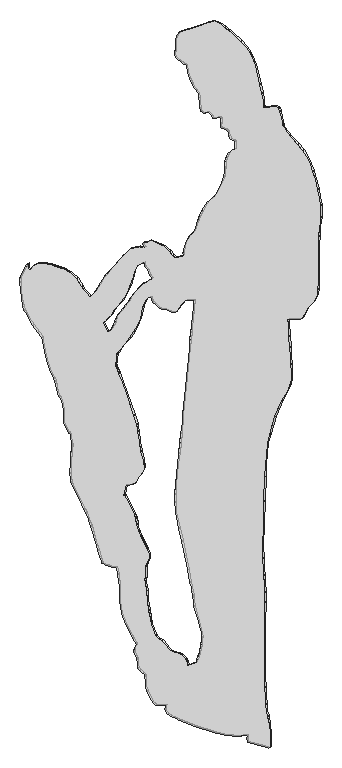
Revit family "Flat Man and Child 01", category Entourage, Revit 2015
Parameters
  Flat Material [instance] = none
  Height = 0 mm
Reference planes
  plane 1 "Center (Front/Back)": y = 0
  plane 2: z = 0
  plane 3 "Center (Left/Right)": x = 0
Forms (mm)
  Extrusion 1, solid, material <- "Flat Material"
    sketch origin (0, 0, 0) x (1, 0, 0) y (0, 0, 1)
      loop
        line (61.838, 1395.624) -> (48.24, 1368.428) -> (40.823, 1357.303) -> (34.643, 1349.886) -> (27.226, 1342.469) -> (21.045, 1333.816) -> (9.919, 1312.801) -> (1.266, 1293.022) -> (-1.206, 1285.606) -> (-3.678, 1279.425) -> (-8.623, 1262.119) -> (-14.804, 1250.993) -> (-23.457, 1238.631) -> (-33.346, 1223.798) -> (-39.527, 1205.255) -> (-43.235, 1186.713) -> (-42.89, 1182.223) -> (-64.25, 1169.407) -> (-71.667, 1171.879) -> (-80.32, 1178.06) -> (-90.21, 1183.004) -> (-97.626, 1186.713) -> (-107.516, 1187.949) -> (-129.767, 1187.949) -> (-137.184, 1185.477) -> (-144.601, 1179.296) -> (-153.254, 1175.587) -> (-155.726, 1174.351) -> (-156.962, 1171.879) -> (-156.962, 1168.17) -> (-150.781, 1164.462) -> (-166.851, 1160.753) -> (-180.449, 1154.573) -> (-192.811, 1147.156) -> (-203.936, 1133.558) -> (-211.353, 1123.669) -> (-220.006, 1111.307) -> (-243.493, 1080.403) -> (-254.619, 1065.569) -> (-264.508, 1051.971) -> (-271.925, 1040.846) -> (-275.633, 1032.193) -> (-290.467, 1004.997) -> (-299.12, 992.636) -> (-304.743, 985.139) -> (-306.874, 985.444) -> (-313.954, 990.163) -> (-321.371, 996.344) -> (-328.788, 1003.761) -> (-343.622, 1018.595) -> (-362.165, 1027.248) -> (-380.707, 1030.957) -> (-399.249, 1029.721) -> (-407.902, 1028.484) -> (-415.319, 1027.248) -> (-428.917, 1026.012) -> (-441.279, 1022.304) -> (-454.876, 1016.123) -> (-461.057, 1011.178) -> (-466.002, 1007.47) -> (-470.947, 1000.053) -> (-474.655, 995.108) -> (-477.127, 993.872) -> (-479.6, 996.344) -> (-480.836, 1000.053) -> (-480.836, 1007.47) -> (-482.072, 1006.234) -> (-484.544, 1002.525) -> (-493.197, 987.691) -> (-501.851, 970.385) -> (-504.323, 960.496) -> (-504.323, 950.606) -> (-503.087, 930.828) -> (-500.614, 911.049) -> (-495.67, 892.507) -> (-493.197, 885.09) -> (-489.489, 880.145) -> (-479.6, 869.02) -> (-467.238, 855.422) -> (-453.64, 841.824) -> (-442.639, 833.362) -> (-441.279, 824.518) -> (-432.626, 789.906) -> (-426.445, 773.836) -> (-420.264, 760.238) -> (-415.319, 750.349) -> (-411.611, 745.404) -> (-407.902, 741.696) -> (-405.43, 735.515) -> (-398.013, 708.319) -> (-394.305, 702.138) -> (-390.596, 697.194) -> (-386.888, 692.249) -> (-384.415, 684.832) -> (-381.943, 667.526) -> (-381.943, 639.094) -> (-378.235, 632.913) -> (-373.29, 626.733) -> (-369.581, 620.552) -> (-367.109, 618.08) -> (-365.017, 620.172) -> (-362.165, 610.663) -> (-358.456, 595.829) -> (-357.22, 590.884) -> (-357.22, 587.176) -> (-358.456, 582.231) -> (-359.692, 572.342) -> (-362.165, 545.146) -> (-363.401, 516.715) -> (-362.165, 504.353) -> (-359.692, 495.7) -> (-355.984, 488.283) -> (-349.803, 479.63) -> (-336.205, 459.851) -> (-323.844, 441.309) -> (-317.663, 432.656) -> (-313.954, 426.475) -> (-310.246, 417.822) -> (-304.065, 404.224) -> (-290.467, 368.375) -> (-284.286, 351.069) -> (-278.106, 336.235) -> (-274.397, 325.11) -> (-272.543, 321.401) -> (-269.453, 321.401) -> (-262.036, 320.165) -> (-253.383, 320.165) -> (-245.966, 321.401) -> (-238.549, 323.874) -> (-231.515, 325.28) -> (-227.423, 310.276) -> (-223.715, 276.9) -> (-223.715, 259.593) -> (-222.479, 242.287) -> (-220.006, 227.453) -> (-217.534, 213.856) -> (-206.408, 190.369) -> (-192.811, 170.59) -> (-185.394, 163.173) -> (-180.449, 155.756) -> (-176.741, 152.048) -> (-175.504, 150.811) -> (-176.741, 148.339) -> (-180.449, 140.922) -> (-181.685, 133.505) -> (-181.685, 127.324) -> (-177.977, 121.144) -> (-174.268, 113.727) -> (-173.032, 106.31) -> (-173.032, 101.365) -> (-173.032, 97.657) -> (-170.56, 92.712) -> (-165.615, 87.767) -> (-156.962, 84.059) -> (-153.254, 81.587) -> (-150.781, 77.878) -> (-149.545, 66.753) -> (-149.545, 54.391) -> (-145.837, 43.266) -> (-133.475, 23.487) -> (-127.294, 17.306) -> (-119.877, 16.07) -> (-113.697, 17.306) -> (-91.67, 26.746) -> (-93.918, 22.251) -> (-95.154, 13.598) -> (-92.682, 9.889) -> (-86.501, 4.945) -> (-74.139, 1.236) -> (-65.486, 1.236) -> (-55.597, 0) -> (-3.678, 0) -> (49.476, 3.708) -> (74.2, 8.653) -> (97.687, 13.598) -> (119.938, 21.015) -> (138.48, 29.668) -> (137.244, 25.959) -> (137.244, 19.779) -> (138.48, 16.07) -> (138.48, 13.598) -> (147.133, 13.598) -> (168.148, 14.834) -> (189.162, 17.306) -> (197.816, 19.779) -> (203.996, 23.487) -> (202.76, 39.557) -> (202.76, 58.099) -> (200.288, 79.114) -> (196.579, 98.893) -> (192.871, 111.254) -> (190.399, 127.324) -> (189.162, 147.103) -> (187.926, 169.354) -> (186.69, 194.077) -> (186.69, 332.527) -> (187.926, 385.682) -> (187.926, 410.405) -> (186.69, 431.42) -> (185.454, 451.198) -> (184.218, 466.032) -> (181.746, 493.228) -> (180.509, 521.659) -> (182.982, 579.759) -> (185.454, 640.33) -> (187.926, 702.138) -> (189.162, 731.806) -> (191.635, 761.474) -> (195.343, 788.67) -> (201.524, 814.629) -> (216.358, 864.075) -> (236.137, 912.285) -> (241.081, 922.175) -> (246.026, 930.828) -> (253.443, 945.662) -> (258.387, 958.023) -> (262.096, 974.093) -> (262.096, 996.344) -> (260.86, 1012.414) -> (259.624, 1030.957) -> (258.387, 1054.444) -> (255.915, 1081.639) -> (253.443, 1113.779) -> (252.477, 1123.759) -> (259.624, 1126.141) -> (269.513, 1129.849) -> (288.055, 1136.03) -> (291.764, 1138.503) -> (295.472, 1143.447) -> (302.889, 1157.045) -> (311.542, 1174.351) -> (325.14, 1192.894) -> (331.321, 1202.783) -> (336.265, 1215.144) -> (337.502, 1229.978) -> (338.738, 1246.048) -> (338.738, 1338.76) -> (339.974, 1363.484) -> (342.446, 1384.498) -> (344.919, 1400.568) -> (346.155, 1414.166) -> (346.155, 1443.834) -> (342.446, 1461.14) -> (337.502, 1483.391) -> (330.085, 1505.642) -> (323.904, 1524.184) -> (316.487, 1537.782) -> (310.306, 1548.907) -> (295.472, 1566.214) -> (280.638, 1577.339) -> (265.804, 1587.228) -> (252.207, 1597.118) -> (242.317, 1604.535) -> (239.845, 1607.007) -> (238.609, 1609.479) -> (238.609, 1611.952) -> (237.373, 1616.896) -> (234.9, 1629.258) -> (229.956, 1642.856) -> (227.483, 1647.8) -> (225.011, 1650.272) -> (220.066, 1650.272) -> (213.886, 1649.036) -> (205.233, 1646.564) -> (185.454, 1636.675) -> (185.454, 1637.911) -> (184.218, 1641.619) -> (182.982, 1652.745) -> (179.273, 1670.051) -> (174.329, 1691.066) -> (160.731, 1733.095) -> (152.078, 1751.638) -> (143.425, 1763.999) -> (132.299, 1772.652) -> (119.938, 1781.305) -> (90.27, 1796.139) -> (75.436, 1801.084) -> (63.074, 1804.792) -> (51.949, 1806.029) -> (44.532, 1806.029) -> (37.115, 1802.32) -> (27.226, 1796.139) -> (2.502, 1778.833) -> (-22.221, 1762.763) -> (-33.346, 1756.582) -> (-40.763, 1752.874) -> (-51.889, 1745.457) -> (-60.542, 1733.095) -> (-65.486, 1720.734) -> (-65.486, 1709.608) -> (-64.25, 1697.247) -> (-66.722, 1688.593) -> (-67.959, 1682.413) -> (-64.25, 1676.232) -> (-56.833, 1671.287) -> (-48.18, 1667.579) -> (-40.763, 1666.343) -> (-34.582, 1666.343) -> (-30.874, 1649.036) -> (-25.929, 1635.439) -> (-18.512, 1624.313) -> (-13.568, 1616.896) -> (-8.623, 1613.188) -> (-4.915, 1610.715) -> (-2.442, 1609.479) -> (0.03, 1605.771) -> (1.266, 1595.881) -> (2.502, 1582.284) -> (3.739, 1569.922) -> (4.975, 1564.978) -> (7.447, 1562.505) -> (13.628, 1561.269) -> (18.572, 1563.741) -> (23.517, 1567.45) -> (27.226, 1568.686) -> (30.934, 1567.45) -> (34.643, 1564.978) -> (40.823, 1557.561) -> (44.532, 1558.797) -> (50.713, 1561.269) -> (56.893, 1564.978) -> (63.074, 1566.523) -> (63.074, 1552.616) -> (61.838, 1543.963) -> (63.074, 1541.49) -> (64.31, 1540.254) -> (80.38, 1540.254) -> (82.853, 1539.018) -> (84.089, 1534.074) -> (86.561, 1527.893) -> (91.506, 1522.948) -> (96.451, 1521.712) -> (102.631, 1521.712) -> (102.631, 1500.697) -> (101.395, 1500.697) -> (97.687, 1498.225) -> (92.742, 1494.516) -> (86.561, 1488.336) -> (77.908, 1471.029) -> (75.436, 1459.904) -> (75.436, 1445.07) -> (74.2, 1435.181) -> (71.727, 1422.819) -> (61.838, 1395.624)
      loop
        line (-181.685, 728.098) -> (-174.268, 707.083) -> (-171.796, 698.43) -> (-170.56, 691.013) -> (-166.851, 666.29) -> (-161.907, 644.039) -> (-155.726, 623.024) -> (-153.254, 603.246) -> (-158.198, 592.12) -> (-163.143, 583.467) -> (-169.324, 574.814) -> (-175.504, 562.452) -> (-179.213, 556.272) -> (-185.394, 551.327) -> (-198.992, 545.146) -> (-202.609, 544.744) -> (-210.117, 516.715) -> (-207.645, 515.478) -> (-203.936, 510.534) -> (-191.575, 496.936) -> (-180.449, 478.394) -> (-176.741, 469.74) -> (-174.268, 454.907) -> (-171.796, 447.49) -> (-163.143, 430.183) -> (-152.017, 414.113) -> (-143.364, 401.752) -> (-138.42, 391.862) -> (-138.42, 381.973) -> (-145.837, 367.139) -> (-148.309, 357.25) -> (-148.309, 327.994) -> (-151.062, 327.076) -> (-149.545, 316.457) -> (-145.837, 296.678) -> (-143.364, 273.191) -> (-139.656, 249.704) -> (-135.947, 231.162) -> (-132.239, 217.564) -> (-127.294, 206.439) -> (-123.586, 199.022) -> (-119.877, 194.077) -> (-118.023, 190.369) -> (-116.169, 190.369) -> (-112.46, 189.132) -> (-102.571, 185.424) -> (-90.21, 179.243) -> (-84.029, 173.062) -> (-79.084, 169.354) -> (-71.667, 168.118) -> (-53.125, 170.59) -> (-44.472, 169.354) -> (-37.055, 163.173) -> (-30.874, 155.756) -> (-29.555, 149.161) -> (-6.151, 164.409) -> (-4.915, 166.881) -> (-3.678, 171.826) -> (-1.206, 180.479) -> (2.502, 191.605) -> (7.447, 213.856) -> (8.683, 224.981) -> (9.919, 233.634) -> (8.683, 242.287) -> (6.211, 252.176) -> (-2.442, 278.136) -> (-12.331, 304.095) -> (-14.804, 315.221) -> (-16.04, 325.11) -> (-16.04, 331.291) -> (-18.512, 338.708) -> (-19.748, 349.833) -> (-23.457, 360.958) -> (-29.638, 390.626) -> (-38.291, 422.766) -> (-46.944, 456.143) -> (-55.597, 487.047) -> (-61.778, 513.006) -> (-64.25, 522.895) -> (-65.486, 531.548) -> (-66.722, 547.619) -> (-66.722, 568.633) -> (-64.25, 593.356) -> (-59.306, 647.747) -> (-55.597, 676.179) -> (-51.889, 703.375) -> (-49.416, 728.098) -> (-48.18, 741.696) -> (-45.708, 759.002) -> (-44.472, 778.78) -> (-41.999, 801.031) -> (-37.055, 850.478) -> (-30.874, 902.396) -> (-25.929, 951.843) -> (-23.457, 974.093) -> (-20.985, 993.872) -> (-19.748, 1009.942) -> (-18.512, 1023.54) -> (-17.276, 1032.193) -> (-17.276, 1039.61) -> (-16.04, 1044.554) -> (-14.804, 1058.152) -> (-12.331, 1077.931) -> (-14.804, 1077.931) -> (-19.748, 1076.695) -> (-33.346, 1071.75) -> (-39.527, 1066.805) -> (-46.944, 1056.916) -> (-59.306, 1035.901) -> (-61.778, 1032.193) -> (-65.486, 1029.721) -> (-74.139, 1027.248) -> (-90.21, 1027.248) -> (-95.154, 1026.012) -> (-103.807, 1024.776) -> (-113.697, 1026.012) -> (-122.35, 1030.957) -> (-128.53, 1032.193) -> (-131.003, 1037.138) -> (-133.475, 1040.846) -> (-133.475, 1043.318) -> (-138.667, 1041.588) -> (-144.601, 1037.138) -> (-148.309, 1030.957) -> (-153.254, 1022.304) -> (-156.962, 1011.178) -> (-164.379, 979.038) -> (-169.324, 964.204) -> (-181.685, 939.481) -> (-194.047, 919.702) -> (-206.408, 902.396) -> (-211.353, 893.743) -> (-217.534, 885.09) -> (-227.423, 870.256) -> (-229.895, 867.475) -> (-229.895, 865.311) -> (-232.368, 852.95) -> (-233.604, 841.824) -> (-235.149, 837.189) -> (-233.604, 835.644) -> (-232.368, 831.935) -> (-228.659, 826.99) -> (-224.951, 818.337) -> (-215.062, 799.795) -> (-202.7, 776.308) -> (-181.685, 728.098)
      loop
        line (-177.977, 1043.318) -> (-164.379, 1061.861) -> (-158.198, 1069.278) -> (-153.254, 1072.986) -> (-144.601, 1079.167) -> (-137.184, 1086.584) -> (-132.239, 1091.529) -> (-131.003, 1094.001) -> (-133.475, 1095.237) -> (-137.184, 1097.709) -> (-140.892, 1103.89) -> (-142.128, 1110.071) -> (-147.073, 1112.543) -> (-150.781, 1116.252) -> (-153.254, 1121.196) -> (-153.254, 1124.287) -> (-156.962, 1122.433) -> (-160.671, 1119.96) -> (-164.379, 1116.252) -> (-170.56, 1111.307) -> (-175.504, 1103.89) -> (-180.449, 1092.765) -> (-184.158, 1079.167) -> (-194.047, 1050.735) -> (-203.936, 1026.012) -> (-216.298, 1004.997) -> (-228.659, 987.691) -> (-238.549, 974.093) -> (-245.966, 959.26) -> (-257.091, 945.662) -> (-263.272, 937.009) -> (-268.719, 931.562) -> (-256.164, 913.213) -> (-248.438, 920.939) -> (-241.021, 932.064) -> (-236.076, 945.662) -> (-231.132, 960.496) -> (-221.242, 975.33) -> (-201.464, 1004.997) -> (-196.519, 1012.414) -> (-191.575, 1022.304) -> (-177.977, 1043.318)
    from -2.5 to 2.5
Lines and regions (mm)
  model lines
    curve 1: line (-150, 0, 0) -> (150, 0, 0)
    curve 2: line (0, 150, 0) -> (0, -150, 0)
Dimensions and locks
  aligned and locked: level to plane 2
